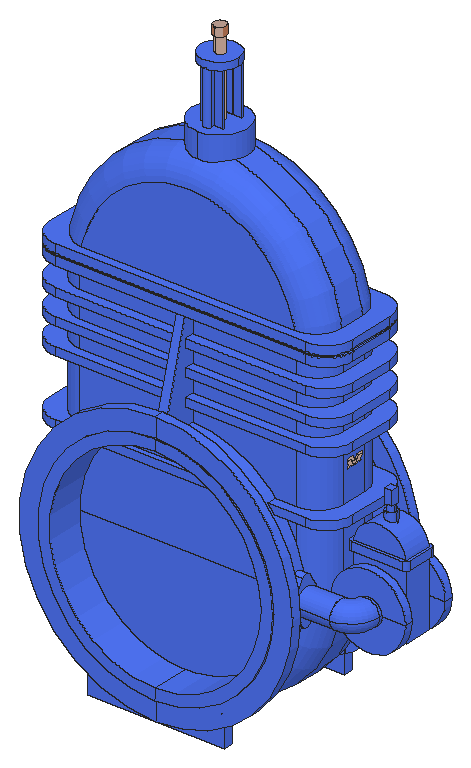
Revit family "54-3334-001 DN1200", category Pipe Accessories, Revit 2022
Family settings
  Round Connector Dimension = Use Diameter
  Part Type = Valve - Breaks Into
  Work Plane-Based = No
  Always vertical = No
  Cut with Voids When Loaded = No
  Shared = No
Parameters (values of type "54-1200-34-1302100")
  wedge_dim1 = Body_W * 1.1  # 491.04 mm
  sweep_start = Raised_dia / 2  # 664.00 mm
  sweep = size_lookup(Search_table, "sweep", 0.00 mm, DN)  # 6.00 mm
  stem_dim1 = Actuator_FLR * 0.65  # 68.25 mm
  stem_dim = F2 / 3  # 45.333 mm
  bottom_rib = OD * 0.5  # 773.00 mm
  W_half = W - W1  # 856.00 mm
  W1 = size_lookup(Search_table, "W1", 0.00 mm, DN)  # 1180.00 mm
  W-W1 = W - W1  # 856.00 mm
  W = size_lookup(Search_table, "W", 0.00 mm, DN)  # 2036.00 mm
  Stem_dim = Actuator_FLR * 0.5  # 52.50 mm
  Stem_H3 = Stem_H1 * 1.35  # 303.75 mm
  Stem_H2 = Stem_H1 * 0.85  # 191.25 mm
  Stem_H1 = Bypass_DN * 1.5  # 225.00 mm
  Stem_D2 = Stem_D1 * 1.5  # 31.50 mm
  Stem_D1 = F / 2  # 21.00 mm
  Rib_W = (Bonnet_FL_W * 0.9) / 2  # 251.10 mm
  Rib_L = (Bonnet_FL_L * 0.9) / 2  # 760.50 mm
  Rib_H4 = size_lookup(Search_table, "Rib_H4", 0.00 mm, DN)  # 1080.00 mm
  Rib_H3 = size_lookup(Search_table, "Rib_H3", 0.00 mm, DN)  # 930.00 mm
  Rib_H2 = size_lookup(Search_table, "Rib_H2", 0.00 mm, DN)  # 780.00 mm
  Rib_H1 = size_lookup(Search_table, "Rib_H1", 0.00 mm, DN)  # 410.00 mm
  Rib_H = Body_H * 0.8  # 970.80 mm
  Rib_Actual = W / 2  # 1018.00 mm
  Raised_dis = size_lookup(Search_table, "Raised_dis", 0.00 mm, DN)  # 5.00 mm
  Raised_dia = size_lookup(Search_table, "Raised_dia", 0.00 mm, DN)  # 1328.00 mm
  PN = size_lookup(Search_table, "PN", 0.00 mm, DN)  # 16.00 mm
  OD1 = H2 * 2  # 1546.00 mm
  OD = size_lookup(Search_table, "OD", 0.00 mm, DN)  # 1546.00 mm
  L = size_lookup(Search_table, "L", 0.00 mm, DN)  # 914.00 mm
  H2 = size_lookup(Search_table, "H2", 0.00 mm, DN)  # 773.00 mm
  H1 = size_lookup(Search_table, "H1", 0.00 mm, DN)  # 2427.00 mm
  H = 782.00 mm
  Fillet = Body_W / 3  # 148.80 mm
  FL_T = size_lookup(Search_table, "FL_T", 0.00 mm, DN)  # 57.00 mm
  F2 = size_lookup(Search_table, "F2", 0.00 mm, DN)  # 136.00 mm
  F1 = F * 0.45  # 18.90 mm
  F = Actuator_FLR * 0.4  # 42.00 mm
  Bypass_D7 = (Raised_dia / 2) * 1.05  # 697.20 mm
  DN = 1200.16 mm
  Description_ = "AVK GATE VALVE, FLANGED, METAL SEATED, PN10/16"
  Default Elevation = 0.00 mm
  Search_table = "54-3334-001 DN1200"
  URL product pages = "https://www.avkvalves.com/P.aspx?no=540700340102100"
  Cut_dis = Bonnet_FL_T / 2  # 54.15 mm
  Bypass_sweep = (Raised_dia / 2) * 1.05  # 697.20 mm
  Bypass_Vale_T = Body_W * 0.18  # 80.352 mm
  Bypass_Vale_D6 = Bypass_FL_OD * 1.2  # 252.00 mm
  Bypass_Vale_D5 = Bypass_Vale_D4 * 1.4  # 140.616 mm
  Bypass_Vale_D4 = Bypass_Vale_T * 1.25  # 100.44 mm
  Bypass_Vale_D3 = Bypass_FL_OD * 0.8  # 168.00 mm
  Bypass_Vale_D2 = Bypass_FL_OD * 0.7  # 147.00 mm
  Bypass_Vale_D1 = Bypass_FL_OD * 0.8  # 168.00 mm
  Bypass_R1 = Bypass_R * 2  # 58.00 mm
  Bypass_R = size_lookup(Search_table, "Bypass_R", 0.00 mm, DN)  # 29.00 mm
  Bypass_W = size_lookup(Search_table, "Bypass_W", 0.00 mm, DN)  # 90.00 mm
  Bypass_Location = size_lookup(Search_table, "Bypass_Location", 0.00 mm, DN)  # 259.00 mm
  Bypass_L = size_lookup(Search_table, "Bypass_L", 0.00 mm, DN)  # 106.00 mm
  Bypass_FL_OD = Bypass_DN * 1.4  # 210.00 mm
  Bypass_DN = size_lookup(Search_table, "Bypass_DN", 0.00 mm, DN)  # 150.00 mm
  Bore = DN / 2  # 600.08 mm
  Bonnet_fillet = Fillet / 3  # 49.60 mm
  Bonnet_dim3 = H1 * 0.86  # 2087.22 mm
  Bonnet_dim2 = Body_W * 0.35  # 156.24 mm
  Bonnet_dim1 = Body_L * 0.2  # 304.20 mm
  Bonnet_FL_W = size_lookup(Search_table, "Bonnet_FL_W", 0.00 mm, DN)  # 558.00 mm
  Bonnet_FL_T = FL_T * 1.9  # 108.30 mm
  Bonnet_FL_L = size_lookup(Search_table, "Bonnet_FL_L", 0.00 mm, DN)  # 1690.00 mm
  Body_rib_T = FL_T * 0.4  # 22.80 mm
  Body_T = size_lookup(Search_table, "Body_T", 0.00 mm, DN) / 2  # 592.50 mm
  Body_W = Bonnet_FL_W * 0.8  # 446.40 mm
  Body_L = Bonnet_FL_L * 0.9  # 1521.00 mm
  Body_H = H1 / 2  # 1213.50 mm
  BP_centre = Bypass_R / 2  # 14.50 mm
  Actuator_dim3 = Actuator_dim1 * 1.1  # 69.30 mm
  Actuator_dim2 = Actuator_dim1 * 0.6  # 37.80 mm
  Actuator_dim1 = Actuator_FLR * 0.6  # 63.00 mm
  Actuator_FLR = size_lookup(Search_table, "Actuator_FLR", 0.00 mm, DN) / 2  # 105.00 mm
  ADN = size_lookup(Search_table, "ADN", 0.00 mm, DN)  # 1200.00 mm
  ACtuator_T = Body_rib_T * 1.8  # 41.04 mm
  54-1200-34-1302100 = "DN1200_ PN16_ CTO"
  54-1200-34-0302100 = "DN1200_ PN10_ CTO"
  54-1200-33-1304100 = "DN1200_ PN16_ CTC"
  54-1200-33-1303100 = "DN1200_ PN16_ CTC"
  54-1200-33-1302100 = "DN1200_ PN16_ CTC"
  54-1200-33-0304100 = "DN1200_ PN10_ CTC"
  54-1200-33-0303100 = "DN1200_ PN10_ CTC"
  54-1200-33-0302100 = "DN1200_ PN10_ CTC"
  50 = 80.00 mm  # constant formula
  5 = 5.00 mm  # constant formula
  20 = 25.00 mm  # constant formula
  10 = 10.00 mm  # constant formula
  1 = 1.00 mm  # constant formula
Types (9, lengths in mm): name | wedge_dim1 | stem_dim1 | stem_dim | bottom_rib | Stem_dim | Stem_D2 | Stem_D1 | Rib_W | Rib_L | PN | OD | Fillet | FL_T | F2 | F1 | F | DN | Cut_dis | Bypass_Vale_T | Bypass_Vale_D5 | Bypass_Vale_D4 | Bore | Bonnet_fillet | Bonnet_dim2 | Bonnet_dim1 | Bonnet_FL_W | Bonnet_FL_T | Bonnet_FL_L | Body_rib_T | Body_T | Body_W | Body_L | Actuator_dim3 | Actuator_dim2 | Actuator_dim1 | Actuator_FLR | ACtuator_T
  (no name) | 491.04 | 68.25 | 45.333 | 773.00 | 52.50 | 31.50 | 21.00 | 251.10 | 760.50 | 16.00 | 1546.00 | 148.80 | 57.00 | 136.00 | 18.90 | 42.00 | 1200.16 | 54.15 | 80.352 | 140.616 | 100.44 | 600.08 | 49.60 | 156.24 | 304.20 | 558.00 | 108.30 | 1690.00 | 22.80 | 592.50 | 446.40 | 1521.00 | 69.30 | 37.80 | 63.00 | 105.00 | 41.04
  54-1200-33-0302100 | 592.24 | 68.25 | 45.333 | 727.50 | 52.50 | 31.50 | 21.00 | 302.85 | 677.25 | 10.00 | 1455.00 | 179.467 | 45.00 | 136.00 | 18.90 | 42.00 | 1200.00 | 42.75 | 96.912 | 169.596 | 121.14 | 600.00 | 59.822 | 188.44 | 270.90 | 673.00 | 85.50 | 1505.00 | 18.00 | 542.50 | 538.40 | 1354.50 | 69.30 | 37.80 | 63.00 | 105.00 | 32.40
  54-1200-33-0303100 | 592.24 | 97.50 | 58.667 | 727.50 | 75.00 | 45.00 | 30.00 | 302.85 | 677.25 | 10.00 | 1455.00 | 179.467 | 45.00 | 176.00 | 27.00 | 60.00 | 1200.10 | 42.75 | 96.912 | 169.596 | 121.14 | 600.05 | 59.822 | 188.44 | 270.90 | 673.00 | 85.50 | 1505.00 | 18.00 | 542.50 | 538.40 | 1354.50 | 99.00 | 54.00 | 90.00 | 150.00 | 32.40
  54-1200-33-0304100 | 592.24 | 113.75 | 68.667 | 727.50 | 87.50 | 52.50 | 35.00 | 302.85 | 677.25 | 10.00 | 1455.00 | 179.467 | 45.00 | 206.00 | 31.50 | 70.00 | 1200.11 | 42.75 | 96.912 | 169.596 | 121.14 | 600.055 | 59.822 | 188.44 | 270.90 | 673.00 | 85.50 | 1505.00 | 18.00 | 542.50 | 538.40 | 1354.50 | 115.50 | 63.00 | 105.00 | 175.00 | 32.40
  54-1200-33-1302100 | 592.24 | 68.25 | 45.333 | 700.00 | 52.50 | 31.50 | 21.00 | 302.85 | 677.25 | 16.00 | 1400.00 | 179.467 | 57.00 | 136.00 | 18.90 | 42.00 | 1200.12 | 54.15 | 96.912 | 169.596 | 121.14 | 600.06 | 59.822 | 188.44 | 270.90 | 673.00 | 108.30 | 1505.00 | 22.80 | 542.50 | 538.40 | 1354.50 | 69.30 | 37.80 | 63.00 | 105.00 | 41.04
  54-1200-33-1303100 | 491.04 | 97.50 | 58.667 | 773.00 | 75.00 | 45.00 | 30.00 | 251.10 | 760.50 | 16.00 | 1546.00 | 148.80 | 57.00 | 176.00 | 27.00 | 60.00 | 1200.13 | 54.15 | 80.352 | 140.616 | 100.44 | 600.065 | 49.60 | 156.24 | 304.20 | 558.00 | 108.30 | 1690.00 | 22.80 | 592.50 | 446.40 | 1521.00 | 99.00 | 54.00 | 90.00 | 150.00 | 41.04
  54-1200-33-1304100 | 491.04 | 113.75 | 68.667 | 773.00 | 87.50 | 52.50 | 35.00 | 251.10 | 760.50 | 16.00 | 1546.00 | 148.80 | 57.00 | 206.00 | 31.50 | 70.00 | 1200.14 | 54.15 | 80.352 | 140.616 | 100.44 | 600.07 | 49.60 | 156.24 | 304.20 | 558.00 | 108.30 | 1690.00 | 22.80 | 592.50 | 446.40 | 1521.00 | 115.50 | 63.00 | 105.00 | 175.00 | 41.04
  54-1200-34-0302100 | 491.04 | 68.25 | 45.333 | 727.50 | 52.50 | 31.50 | 21.00 | 251.10 | 760.50 | 10.00 | 1455.00 | 148.80 | 45.00 | 136.00 | 18.90 | 42.00 | 1200.15 | 42.75 | 80.352 | 140.616 | 100.44 | 600.075 | 49.60 | 156.24 | 304.20 | 558.00 | 85.50 | 1690.00 | 18.00 | 592.50 | 446.40 | 1521.00 | 69.30 | 37.80 | 63.00 | 105.00 | 32.40
  54-1200-34-1302100 | 491.04 | 68.25 | 45.333 | 773.00 | 52.50 | 31.50 | 21.00 | 251.10 | 760.50 | 16.00 | 1546.00 | 148.80 | 57.00 | 136.00 | 18.90 | 42.00 | 1200.16 | 54.15 | 80.352 | 140.616 | 100.44 | 600.08 | 49.60 | 156.24 | 304.20 | 558.00 | 108.30 | 1690.00 | 22.80 | 592.50 | 446.40 | 1521.00 | 69.30 | 37.80 | 63.00 | 105.00 | 41.04
Reference planes
  plane 1 "Center (Front/Back)": y = 0
  plane 2: z = 0
  plane 3 "Center (Left/Right)": x = 0
  plane 4: z = 600.08
  plane 5: y = 190.5
  plane 6: y = -190.5
  plane 7: x = -856
  plane 8: y = 457
  plane 9: y = -457
  plane 10: y = 400
  plane 11: y = -400
  plane 12: z = 773
  plane 13: z = -773
  plane 14: z = 773
  plane 15: z = -773
  plane 16: z = 664
  plane 17: z = -664
  plane 18: y = 223.2
  plane 19: y = -223.2
  plane 20: x = -760.5
  plane 21: x = 760.5
  plane 22: z = 1213.5
  plane 23: y = 279
  plane 24: y = -279
  plane 25: x = -856
  plane 26: x = 856
  plane 27: z = 1321.8
  plane 28: z = 2427
  plane 29: y = 279
  plane 30: y = -279
  plane 31: z = 2087.22
  plane 32: z = 410
  plane 33: z = 277.5
  plane 34: y = -279
  plane 35: y = 279
  plane 36: z = 2563
  plane 37: x = 697.2
  plane 38: x = 674.4
  plane 39: y = 245.52
  plane 40: y = -245.52
  plane 41: x = -386.5
  plane 42: x = 386.5
  plane 43: z = -600.08
  plane 44: y = -452
  plane 45: y = 452
  plane 46: x = -386.5
  plane 47: x = 386.5
  plane 48: z = -600.08
  plane 49: x = -21
  plane 50: x = 21
  plane 51: x = -9.45
  plane 52: x = 9.45
  plane 53: x = -105
  plane 54: x = 105
  plane 55: x = 600.08
  plane 56: z = 780
  plane 57: z = 930
  plane 58: z = 1080
  plane 59: z = 2517.667
  plane 60: y = -259
  plane 61: y = 259
  plane 62: x = -845
  plane 63: x = 845
  plane 64: x = 697.2
  plane 65: x = 1180
  plane 66: x = 208
  plane 67: y = 259
  plane 68: y = -259
  plane 69: x = 970
  plane 70: z = 252
  plane 71: x = 970
  plane 72: x = 970
  plane 73: y = 140.616
  plane 74: x = 970
  plane 75: z = 402
  plane 76: z = 555.75
  plane 77: z = -773
  plane 78: z = 75
  plane 79: z = -75
  plane 80: z = 477
Forms (mm)
  Revolve 1, solid, material "Plastic"
    sketch origin (0, 0, 0) x (0, 1, 0) y (0, 0, 1)
      loop
        line (457, 600.08) -> (457, 664) -> (452, 664) -> (452, 773) -> (400, 773) -> (400, 657.08) -> (-400, 657.08) -> (-400, 773) -> (-452, 773) -> (-452, 664) -> (-457, 664) -> (-457, 600.08) -> (457, 600.08)
      axis (457, 0) -> (-457, 0)
    angle from 0 to 360
  Extrusion 2, solid, material "Plastic"
    sketch origin (0, 0, 0) x (1, 0, 0) y (0, 1, 0)
      loop
        arc (-611.7, 223.2) -> (-716.917, 179.617) -> (-760.5, 74.4) r 148.8
        line (-760.5, 74.4) -> (-760.5, -74.4)
        arc (-760.5, -74.4) -> (-716.917, -179.617) -> (-611.7, -223.2) r 148.8
        line (-611.7, -223.2) -> (611.7, -223.2)
        arc (611.7, -223.2) -> (716.917, -179.617) -> (760.5, -74.4) r 148.8
        line (760.5, -74.4) -> (760.5, 74.4)
        arc (760.5, 74.4) -> (716.917, 179.617) -> (611.7, 223.2) r 148.8
        line (611.7, 223.2) -> (-611.7, 223.2)
    from 0 to 1213.5
  Revolve 3, solid, material "Plastic"
    sketch origin (0, 0, 0) x (1, 0, 0) y (0, 1, 0)
      loop
        arc (-611.7, 223.2) -> (-716.917, 179.617) -> (-760.5, 74.4) r 148.8
        line (-760.5, 74.4) -> (-760.5, -74.4)
        arc (-760.5, -74.4) -> (-716.917, -179.617) -> (-611.7, -223.2) r 148.8
        line (-611.7, -223.2) -> (0, -223.2) -> (0, 223.2) -> (-611.7, 223.2)
      axis (0, 223.2) -> (0, -223.2)
    angle from 0 to 180
  Extrusion 4, solid, material "Plastic"
    sketch origin (0, 417.889, 1213.5) x (0, 1, 0) y (-1, 0, 0)
      loop
        arc (-138.889, 707.2) -> (-182.472, 812.417) -> (-287.689, 856) r 148.8
        line (-287.689, 856) -> (-548.089, 856)
        arc (-548.089, 856) -> (-653.306, 812.417) -> (-696.889, 707.2) r 148.8
        line (-696.889, 707.2) -> (-696.889, -707.2)
        arc (-696.889, -707.2) -> (-653.306, -812.417) -> (-548.089, -856) r 148.8
        line (-548.089, -856) -> (-287.689, -856)
        arc (-287.689, -856) -> (-182.472, -812.417) -> (-138.889, -707.2) r 148.8
        line (-138.889, -707.2) -> (-138.889, 707.2)
    from 0 to 108.3
  Revolve 5, solid, material "Plastic"
    sketch origin (0, 417.889, 1213.5) x (0, 1, 0) y (-1, 0, 0)
      loop
        arc (-343.489, -760.5) -> (-238.272, -716.917) -> (-194.689, -611.7) r 148.8
        line (-194.689, -611.7) -> (-194.689, 0) -> (-641.089, 0) -> (-641.089, -611.7)
        arc (-641.089, -611.7) -> (-597.506, -716.917) -> (-492.289, -760.5) r 148.8
        line (-492.289, -760.5) -> (-343.489, -760.5)
      axis (-194.689, 0) -> (-641.089, 0)
    angle from 360 to 180
  Sweep 6, void
    path in 3D
      loop
        arc (-707.2, 279, 1321.8) -> (-812.417, 235.417, 1321.8) -> (-856, 130.2, 1321.8) r 148.8
        line (-856, 130.2, 1321.8) -> (-856, -130.2, 1321.8)
        arc (-856, -130.2, 1321.8) -> (-812.417, -235.417, 1321.8) -> (-707.2, -279, 1321.8) r 148.8
        line (-707.2, -279, 1321.8) -> (707.2, -279, 1321.8)
        arc (707.2, -279, 1321.8) -> (812.417, -235.417, 1321.8) -> (856, -130.2, 1321.8) r 148.8
        line (856, -130.2, 1321.8) -> (856, 130.2, 1321.8)
        arc (856, 130.2, 1321.8) -> (812.417, 235.417, 1321.8) -> (707.2, 279, 1321.8) r 148.8
        line (707.2, 279, 1321.8) -> (-707.2, 279, 1321.8)
    profile origin (0, 279, 1321.8) x (0, -1, 0) y (0, 0, 1)
      loop
        circle (0, -54.15) r 6
  Extrusion 7, solid, material "Plastic"
    sketch origin (0, 417.889, 1213.5) x (0, 1, 0) y (-1, 0, 0)
      loop
        circle (-417.889, 0) r 156.24
    from 873.72 to 0
  Extrusion 8, solid, material "Plastic"
    sketch origin (-848.252, -1524, 410) x (-1, 0, 0) y (0, -1, 0)
      loop
        arc (-141.052, -1803) -> (-35.835, -1759.417) -> (7.748, -1654.2) r 148.8
        line (7.748, -1654.2) -> (7.748, -1393.8)
        arc (7.748, -1393.8) -> (-35.835, -1288.583) -> (-141.052, -1245) r 148.8
        line (-141.052, -1245) -> (-1555.452, -1245)
        arc (-1555.452, -1245) -> (-1660.67, -1288.583) -> (-1704.252, -1393.8) r 148.8
        line (-1704.252, -1393.8) -> (-1704.252, -1654.2)
        arc (-1704.252, -1654.2) -> (-1660.67, -1759.417) -> (-1555.452, -1803) r 148.8
        line (-1555.452, -1803) -> (-141.052, -1803)
    from -22.8 to 22.8
  Extrusion 9, solid, material "Plastic"
    sketch origin (0, 0, 0) x (0, 1, 0) y (0, 0, 1)
      loop
        line (279, 1213.5) -> (223.2, 1213.5) -> (223.2, 600.08) -> (400, 600.08) -> (400, 773) -> (279, 1213.5)
      loop
        line (-279, 1213.5) -> (-400, 773) -> (-400, 600.08) -> (-223.2, 600.08) -> (-223.2, 1213.5) -> (-279, 1213.5)
    from -22.8 to 22.8
  Extrusion 10, solid, material "Plastic"
    sketch origin (-736.328, -1524, 2427) x (-1, 0, 0) y (0, -1, 0)
      loop
        circle (-736.328, -1524) r 105
    from 0 to -41.04
  Extrusion 11, solid, material "Plastic"
    sketch origin (-736.328, -1524, 2427) x (-1, 0, 0) y (0, -1, 0)
      loop
        line (-713.528, -1587) -> (-759.128, -1587) -> (-759.128, -1606.2)
        arc (-759.128, -1606.2) -> (-736.328, -1629) -> (-713.528, -1606.2) r 22.8
        line (-713.528, -1606.2) -> (-713.528, -1587)
      loop
        line (-713.528, -1461) -> (-713.528, -1441.8)
        arc (-713.528, -1441.8) -> (-736.328, -1419) -> (-759.128, -1441.8) r 22.8
        line (-759.128, -1441.8) -> (-759.128, -1461) -> (-713.528, -1461)
    from -41.04 to -339.78
  Revolve 12, solid, material "Plastic"
    sketch origin (0, 0, 0) x (1, 0, 0) y (0, 1, 0)
      loop
        line (0, 245.52) -> (0, -245.52) -> (600.08, -245.52) -> (600.08, 245.52) -> (0, 245.52)
      axis (0, 245.52) -> (0, -245.52)
    angle from 0 to 360
  Extrusion 13, solid, material "Plastic"
    sketch origin (0, 0, 0) x (1, 0, 0) y (0, 0, 1)
      loop
        line (-386.5, -601.08) -> (-386.5, -773) -> (386.5, -773) -> (386.5, -601.08) -> (-386.5, -601.08)
    from 400 to 451
  Extrusion 14, solid, material "Plastic"
    sketch origin (0, 0, 0) x (1, 0, 0) y (0, 0, 1)
      loop
        line (-386.5, -773) -> (386.5, -773) -> (386.5, -601.08) -> (-386.5, -601.08) -> (-386.5, -773)
    from -451 to -400
  Extrusion 15, solid, material "Plastic"
    sketch origin (4267.2, -575.671, 780) x (0, -1, 0) y (1, 0, 0)
      loop
        arc (-854.671, -4974.4) -> (-811.089, -5079.617) -> (-705.871, -5123.2) r 148.8
        line (-705.871, -5123.2) -> (-445.471, -5123.2)
        arc (-445.471, -5123.2) -> (-340.254, -5079.617) -> (-296.671, -4974.4) r 148.8
        line (-296.671, -4974.4) -> (-296.671, -3560)
        arc (-296.671, -3560) -> (-340.254, -3454.783) -> (-445.471, -3411.2) r 148.8
        line (-445.471, -3411.2) -> (-705.871, -3411.2)
        arc (-705.871, -3411.2) -> (-811.089, -3454.783) -> (-854.671, -3560) r 148.8
        line (-854.671, -3560) -> (-854.671, -4974.4)
    from -22.8 to 22.8
  Extrusion 16, solid, material "Plastic"
    sketch origin (4267.2, -524.875, 930) x (0, -1, 0) y (1, 0, 0)
      loop
        line (-655.075, -5123.2) -> (-394.675, -5123.2)
        arc (-394.675, -5123.2) -> (-289.458, -5079.617) -> (-245.875, -4974.4) r 148.8
        line (-245.875, -4974.4) -> (-245.875, -3560)
        arc (-245.875, -3560) -> (-289.458, -3454.783) -> (-394.675, -3411.2) r 148.8
        line (-394.675, -3411.2) -> (-655.075, -3411.2)
        arc (-655.075, -3411.2) -> (-760.293, -3454.783) -> (-803.875, -3560) r 148.8
        line (-803.875, -3560) -> (-803.875, -4974.4)
        arc (-803.875, -4974.4) -> (-760.293, -5079.617) -> (-655.075, -5123.2) r 148.8
    from -22.8 to 22.8
  Extrusion 17, solid, material "Plastic"
    sketch origin (4267.2, -664.232, 1080) x (0, -1, 0) y (1, 0, 0)
      loop
        arc (-943.232, -4974.4) -> (-899.65, -5079.617) -> (-794.432, -5123.2) r 148.8
        line (-794.432, -5123.2) -> (-534.032, -5123.2)
        arc (-534.032, -5123.2) -> (-428.815, -5079.617) -> (-385.232, -4974.4) r 148.8
        line (-385.232, -4974.4) -> (-385.232, -3560)
        arc (-385.232, -3560) -> (-428.815, -3454.783) -> (-534.032, -3411.2) r 148.8
        line (-534.032, -3411.2) -> (-794.432, -3411.2)
        arc (-794.432, -3411.2) -> (-899.65, -3454.783) -> (-943.232, -3560) r 148.8
        line (-943.232, -3560) -> (-943.232, -4974.4)
    from -22.8 to 22.8
  Extrusion 18, solid, material "Plastic"
    sketch origin (4267.2, -664.232, 1080) x (0, -1, 0) y (1, 0, 0)
      loop
        line (-727.232, -4295.55) -> (-727.232, -4194.75) -> (-733.532, -4194.75) -> (-733.532, -4320.75) -> (-594.932, -4320.75) -> (-594.932, -4194.75) -> (-601.232, -4194.75) -> (-601.232, -4295.55) -> (-727.232, -4295.55)
    from 1007.22 to 1305.96
  Extrusion 19, solid, material "Default"
    sketch origin (4267.2, -664.232, 1080) x (0, -1, 0) y (1, 0, 0)
      loop
        circle (-664.232, -4267.2) r 34.125
    from 1437.667 to 1483
  Extrusion 20, solid
    sketch origin (4267.2, -664.232, 1080) x (0, -1, 0) y (1, 0, 0)
      loop
        circle (-664.232, -4267.2) r 26.25
    from 1437.667 to 1007.22
  Extrusion 21, solid, material "Plastic"
    sketch origin (0, 0, -20.104) x (0, 1, 0) y (0, 0, 1)
      loop
        line (-283.598, 141.464) -> (-340.197, 50.824)
        arc (-340.197, 50.824) -> (-349, 20.104) -> (-340.197, -10.616) r 58
        line (-340.197, -10.616) -> (-283.598, -101.256)
        arc (-283.598, -101.256) -> (-259, -114.896) -> (-234.402, -101.256) r 29
        line (-234.402, -101.256) -> (-177.803, -10.616)
        arc (-177.803, -10.616) -> (-169, 20.104) -> (-177.803, 50.824) r 58
        line (-177.803, 50.824) -> (-234.402, 141.464)
        arc (-234.402, 141.464) -> (-259, 155.104) -> (-283.598, 141.464) r 29
      loop
        arc (283.598, 141.464) -> (259, 155.104) -> (234.402, 141.464) r 29
        line (234.402, 141.464) -> (177.803, 50.824)
        arc (177.803, 50.824) -> (169, 20.104) -> (177.803, -10.616) r 58
        line (177.803, -10.616) -> (234.402, -101.256)
        arc (234.402, -101.256) -> (259, -114.896) -> (283.598, -101.256) r 29
        line (283.598, -101.256) -> (340.197, -10.616)
        arc (340.197, -10.616) -> (349, 20.104) -> (340.197, 50.824) r 58
        line (340.197, 50.824) -> (283.598, 141.464)
    from 697.2 to 600.08
  Sweep 22, solid, material "Plastic"
    path origin (0, 0, 0) x (1, 0, 0) y (0, 1, 0)
      loop
        line (664, 259) -> (890, 259)
        arc (890, 259) -> (946.569, 235.569) -> (970, 179) r 80
        line (970, 179) -> (970, -179)
        arc (970, -179) -> (946.569, -235.569) -> (890, -259) r 80
        line (890, -259) -> (664, -259)
    profile origin (777, 259, 0) x (0, 1, 0) y (0, 0, 1)
      loop
        circle (0, 0) r 75
  Extrusion 23, solid, material "Plastic"
    sketch origin (0, 0, 0) x (1, 0, 0) y (0, 0, 1)
      loop
        arc (1120, 252) -> (970, 402) -> (820, 252) r 150
        line (820, 252) -> (820, -147)
        arc (820, -147) -> (970, -168) -> (1120, -147) r 546.214
        line (1120, -147) -> (1120, 252)
    from -80.352 to 80.352
  Extrusion 24, solid, material "Plastic"
    sketch origin (1408.055, -1524, 252) x (0, -1, 0) y (-1, 0, 0)
      loop
        line (-1624.44, 581.055) -> (-1624.44, 295.055)
        arc (-1624.44, 295.055) -> (-1617.118, 277.378) -> (-1599.44, 270.055) r 25
        line (-1599.44, 270.055) -> (-1448.56, 270.055)
        arc (-1448.56, 270.055) -> (-1430.882, 277.378) -> (-1423.56, 295.055) r 25
        line (-1423.56, 295.055) -> (-1423.56, 581.055)
        arc (-1423.56, 581.055) -> (-1430.882, 598.733) -> (-1448.56, 606.055) r 25
        line (-1448.56, 606.055) -> (-1599.44, 606.055)
        arc (-1599.44, 606.055) -> (-1617.118, 598.733) -> (-1624.44, 581.055) r 25
    from -22.8 to 22.8
  Revolve 25, solid, material "Plastic"
    sketch origin (0, 0, 0) x (1, 0, 0) y (0, 1, 0)
      loop
        line (970, 163.416) -> (970, 117.816) -> (1180, 117.816) -> (1180, 163.416) -> (970, 163.416)
      loop
        line (970, -117.816) -> (970, -163.416) -> (1180, -163.416) -> (1180, -117.816) -> (970, -117.816)
      axis (970, 163.416) -> (970, -163.416)
    angle from 0 to 360
  Revolve 26, solid, material "Plastic"
    sketch origin (0, 0, 0) x (1, 0, 0) y (0, 0, 1)
      loop
        line (970, 477) -> (970, 252) -> (1001.5, 252) -> (1001.5, 443.25) -> (991, 443.25) -> (991, 477) -> (970, 477)
      axis (970, 477) -> (970, 252)
    angle from 0 to 360
  Extrusion 27, solid, material "Plastic"
    sketch origin (0, 1010.756, 600.08) x (0, 1, 0) y (-1, 0, 0)
      loop
        line (-989.756, -949) -> (-1031.756, -949) -> (-1031.756, -991) -> (-989.756, -991) -> (-989.756, -949)
    from -123.08 to -44.33
Cuts and joins
  Sweep 6 cuts Extrusion 4
Lines and regions (mm)
  sketch lines
    curve 1: line (707.2, 279, 1321.8) -> (-707.2, 279, 1321.8)
    curve 2: arc (-856, 130.2, 1321.8) -> (-812.417, 235.417, 1321.8) -> (-707.2, 279, 1321.8) r 148.8
    curve 3: line (-856, 130.2, 1321.8) -> (-856, -130.2, 1321.8)
    curve 4: arc (-707.2, -279, 1321.8) -> (-812.417, -235.417, 1321.8) -> (-856, -130.2, 1321.8) r 148.8
    curve 5: line (-707.2, -279, 1321.8) -> (707.2, -279, 1321.8)
    curve 6: arc (856, -130.2, 1321.8) -> (812.417, -235.417, 1321.8) -> (707.2, -279, 1321.8) r 148.8
    curve 7: line (856, -130.2, 1321.8) -> (856, 130.2, 1321.8)
    curve 8: arc (707.2, 279, 1321.8) -> (812.417, 235.417, 1321.8) -> (856, 130.2, 1321.8) r 148.8
Dimensions and locks
  "Bore": plane 4 to level
  equal spacing: plane 5, plane 1 "Center (Front/Back)", plane 6
  plane 3 "Center (Left/Right)" to plane 7 = 856.00 mm
  "Bore": Revolve 1 sketch curve to level
  equal spacing: Revolve 1, plane 1 "Center (Front/Back)", Revolve 1
  equal spacing: Revolve 1 sketch curve, plane 1 "Center (Front/Back)", Revolve 1 sketch curve  (x3)
  equal spacing: plane 8, plane 1 "Center (Front/Back)", plane 9
  "L": plane 8 to plane 9
  equal spacing: plane 10, plane 1 "Center (Front/Back)", plane 11
  "FL_T": plane 8 to plane 10
  equal spacing: plane 13, level, plane 12
  "OD": plane 12 to plane 13
  "Raised_dis": plane 8 to Revolve 1
  equal spacing: plane 16, level, plane 17
  equal spacing: plane 14, level, plane 15
  "OD1": plane 14 to plane 15
  "Raised_dia": plane 16 to plane 17
  "FL_T": Revolve 1 sketch curve to plane 4
  equal spacing: plane 19, plane 1 "Center (Front/Back)", plane 18
  "Body_W": plane 18 to plane 19
  equal spacing: plane 20, plane 3 "Center (Left/Right)", plane 21
  "Body_L": plane 20 to plane 21
  equal spacing: Extrusion 2 sketch curve, plane 3 "Center (Left/Right)", Extrusion 2 sketch curve
  equal spacing: Extrusion 2 sketch curve, plane 1 "Center (Front/Back)", Extrusion 2 sketch curve
  "Body_H": Extrusion 2 to level
  "Body_H": plane 22 to level
  equal spacing: Extrusion 4 sketch curve, plane 1 "Center (Front/Back)", Extrusion 4 sketch curve
  equal spacing: Extrusion 4 sketch curve, plane 3 "Center (Left/Right)", Extrusion 4 sketch curve
  equal spacing: plane 24, plane 1 "Center (Front/Back)", plane 23
  "Bonnet_FL_W": plane 23 to plane 24
  equal spacing: plane 25, plane 3 "Center (Left/Right)", plane 26
  "Bonnet_FL_T": plane 27 to plane 22
  "H1": plane 28 to level
  equal spacing: plane 29, plane 1 "Center (Front/Back)", plane 30
  "Bonnet_FL_W": plane 29 to plane 30
  equal spacing: plane 27, Sweep 6 sketch curve, plane 22
  "sweep": plane 29 to Sweep 6 sketch curve
  "Bonnet_dim3": plane 31 to level
  "Rib_H1": plane 32 to level
  equal spacing: Extrusion 8, plane 32, Extrusion 8
  "Body_rib_T": plane 32 to Extrusion 8
  "OD": plane 13 to Extrusion 9 sketch curve  (x2)
  equal spacing: plane 35, plane 1 "Center (Front/Back)", plane 34
  "Bonnet_FL_W": plane 35 to plane 34
  "Bonnet_FL_W": Extrusion 9 sketch curve to plane 34
  "Bonnet_FL_W": plane 35 to Extrusion 9 sketch curve
  equal spacing: Extrusion 9, plane 3 "Center (Left/Right)", Extrusion 9
  "Body_rib_T": plane 3 "Center (Left/Right)" to Extrusion 9
  "F2": plane 36 to plane 28
  equal spacing: Extrusion 10 sketch curve, plane 3 "Center (Left/Right)", Extrusion 10 sketch curve
  equal spacing: Extrusion 10 sketch curve, plane 1 "Center (Front/Back)", Extrusion 10 sketch curve
  "ACtuator_T": plane 28 to Extrusion 10
  "Body_rib_T": Extrusion 11 sketch curve to plane 3 "Center (Left/Right)"
  equal spacing: Extrusion 11 sketch curve, plane 3 "Center (Left/Right)", Extrusion 11 sketch curve
  "Actuator_FLR": plane 1 "Center (Front/Back)" to Extrusion 11 sketch curve
  equal spacing: Extrusion 11 sketch curve, plane 1 "Center (Front/Back)", Extrusion 11 sketch curve  (x2)
  "ACtuator_T": plane 28 to Extrusion 11
  "Body_rib_T": plane 37 to plane 38
  "Bypass_sweep": plane 37 to plane 3 "Center (Left/Right)"
  "W_half": plane 3 "Center (Left/Right)" to plane 7
  equal spacing: plane 40, plane 1 "Center (Front/Back)", plane 39
  "wedge_dim1": plane 39 to plane 40
  equal spacing: Revolve 12 sketch curve, plane 1 "Center (Front/Back)", Revolve 12 sketch curve
  "Bore": plane 3 "Center (Left/Right)" to Revolve 12 sketch curve
  equal spacing: Extrusion 13 sketch curve, plane 3 "Center (Left/Right)", Extrusion 13 sketch curve
  equal spacing: plane 42, plane 3 "Center (Left/Right)", plane 41
  "bottom_rib": plane 42 to plane 41
  "Bore": level to plane 43
  "Raised_dis": plane 9 to plane 44
  "1": plane 44 to Extrusion 13
  "Raised_dis": plane 45 to plane 8
  equal spacing: Extrusion 14 sketch curve, plane 3 "Center (Left/Right)", Extrusion 14 sketch curve
  equal spacing: plane 47, plane 3 "Center (Left/Right)", plane 46
  "bottom_rib": plane 47 to plane 46
  "Bore": level to plane 48
  "1": plane 48 to Extrusion 14 sketch curve
  "1": Extrusion 14 to plane 45
  "1": plane 43 to Extrusion 13 sketch curve
  plane 9 to plane 8 = 914.00 mm  (x2)
  plane 13 to level = 773.00 mm
  plane 28 to level = 2427.00 mm  (x2)
  equal spacing: plane 50, plane 3 "Center (Left/Right)", plane 49
  "F": plane 50 to plane 49
  equal spacing: plane 52, plane 3 "Center (Left/Right)", plane 51
  "F1": plane 52 to plane 51
  equal spacing: plane 54, plane 3 "Center (Left/Right)", plane 53
  "Actuator_FLR": plane 3 "Center (Left/Right)" to plane 53
  plane 54 to plane 53 = 210.00 mm
  "Bore": plane 55 to plane 3 "Center (Left/Right)"
  "Rib_H2": plane 56 to level
  equal spacing: Extrusion 15, plane 56, Extrusion 15  (x2)
  Extrusion 15 to plane 12 = 29.80 mm
  "Rib_H3": plane 57 to level
  "Rib_H4": plane 58 to level
  "Body_rib_T": Extrusion 15 to plane 56
  equal spacing: Extrusion 16, plane 57, Extrusion 16
  "Body_rib_T": Extrusion 16 to plane 57
  equal spacing: Extrusion 17, plane 58, Extrusion 17
  "Body_rib_T": Extrusion 17 to plane 58
  equal spacing: Extrusion 18 sketch curve, plane 52, Extrusion 18 sketch curve
  equal spacing: Extrusion 18 sketch curve, plane 1 "Center (Front/Back)", Extrusion 18 sketch curve  (x2)
  "Actuator_dim2": Extrusion 18 sketch curve to plane 52
  "Actuator_dim1": plane 1 "Center (Front/Back)" to Extrusion 18 sketch curve
  "Actuator_dim1": plane 52 to Extrusion 18 sketch curve
  "ACtuator_T": plane 28 to Extrusion 18
  "Actuator_dim1": plane 1 "Center (Front/Back)" to Extrusion 11 sketch curve
  equal spacing: Extrusion 7 sketch curve, plane 1 "Center (Front/Back)", Extrusion 7 sketch curve
  equal spacing: Extrusion 7 sketch curve, plane 3 "Center (Left/Right)", Extrusion 7 sketch curve
  equal spacing: Extrusion 19 sketch curve, plane 3 "Center (Left/Right)", Extrusion 19 sketch curve
  equal spacing: Extrusion 19 sketch curve, plane 1 "Center (Front/Back)", Extrusion 19 sketch curve
  equal spacing: Extrusion 20 sketch curve, plane 3 "Center (Left/Right)", Extrusion 20 sketch curve
  equal spacing: Extrusion 20 sketch curve, plane 1 "Center (Front/Back)", Extrusion 20 sketch curve
  "stem_dim": plane 36 to plane 59
  equal spacing: plane 60, plane 1 "Center (Front/Back)", plane 61
  "Bypass_Location": plane 60 to plane 1 "Center (Front/Back)"
  "Bypass_Location": Extrusion 21 sketch curve to plane 1 "Center (Front/Back)"
  "Bypass_L": Extrusion 21 sketch curve to level  (x4)
  "Bypass_W": Extrusion 21 sketch curve to plane 60
  "Bypass_W": plane 60 to Extrusion 21 sketch curve
  "Bypass_Location": plane 1 "Center (Front/Back)" to Extrusion 21 sketch curve
  "Bypass_W": Extrusion 21 sketch curve to plane 61
  "Bypass_W": plane 61 to Extrusion 21 sketch curve
  equal spacing: plane 62, plane 3 "Center (Left/Right)", plane 63
  "Bonnet_FL_L": plane 62 to plane 63
  "W-W1": plane 25 to plane 3 "Center (Left/Right)"
  "Bypass_sweep": plane 64 to plane 3 "Center (Left/Right)"
  "W1": plane 3 "Center (Left/Right)" to plane 65
  equal spacing: plane 68, plane 1 "Center (Front/Back)", plane 67
  "Bypass_Location": plane 1 "Center (Front/Back)" to plane 67
  "sweep_start": plane 3 "Center (Left/Right)" to Sweep 22 sketch curve  (x2)
  equal spacing: Sweep 22 sketch curve, profile plane, Sweep 22 sketch curve
  equal spacing: Sweep 22 sketch curve, level, Sweep 22 sketch curve
  "Actuator_dim3": Extrusion 18 sketch curve to plane 1 "Center (Front/Back)"
  "Bypass_FL_OD": Sweep 22 sketch curve to plane 65
  "Bypass_FL_OD": plane 65 to plane 69
  equal spacing: Extrusion 23 sketch curve, plane 69, Extrusion 23 sketch curve
  "Bypass_Vale_D1": level to Extrusion 23 sketch curve
  "Bypass_DN": Extrusion 23 sketch curve to plane 69
  "Bypass_Vale_D2": level to Extrusion 23 sketch curve
  equal spacing: Extrusion 23, plane 1 "Center (Front/Back)", Extrusion 23
  Extrusion 23 to plane 1 "Center (Front/Back)" = 80.352 mm
  "Bypass_Vale_T": Extrusion 23 to plane 1 "Center (Front/Back)"
  "Bypass_Vale_D6": plane 70 to level
  equal spacing: Extrusion 24 sketch curve, plane 1 "Center (Front/Back)", Extrusion 24 sketch curve
  "Bypass_FL_OD": plane 71 to plane 65
  equal spacing: Extrusion 24 sketch curve, plane 71, Extrusion 24 sketch curve
  "Bypass_Vale_D3": plane 71 to Extrusion 24 sketch curve
  "Bypass_Vale_D4": plane 1 "Center (Front/Back)" to Extrusion 24 sketch curve
  equal spacing: Extrusion 24, plane 70, Extrusion 24
  "Body_rib_T": plane 70 to Extrusion 24
  equal spacing: Revolve 25 sketch curve, plane 1 "Center (Front/Back)", Revolve 25 sketch curve  (x2)
  "Bypass_FL_OD": plane 72 to plane 65
  "Bypass_Vale_D5": plane 1 "Center (Front/Back)" to plane 73
  equal spacing: Revolve 25 sketch curve, plane 73, Revolve 25 sketch curve
  "Body_rib_T": Revolve 25 sketch curve to plane 73
  "Bypass_Vale_D6": Extrusion 23 sketch curve to level
  "Bypass_FL_OD": plane 65 to plane 74
  "Stem_D1": Revolve 26 sketch curve to plane 74
  "Stem_D2": Revolve 26 sketch curve to plane 74
  equal spacing: Extrusion 27 sketch curve, plane 1 "Center (Front/Back)", Extrusion 27 sketch curve
  equal spacing: Extrusion 27 sketch curve, plane 74, Extrusion 27 sketch curve
  "Stem_D1": plane 74 to Extrusion 27 sketch curve
  "Stem_D1": Extrusion 27 sketch curve to plane 1 "Center (Front/Back)"
  plane 65 to plane 7 = 2036.00 mm
  plane 65 to plane 3 "Center (Left/Right)" = 1180.00 mm
  "H2": level to plane 77
  level to plane 77 = 773.00 mm
  equal spacing: plane 78, level, plane 79
  "Bypass_DN": plane 78 to plane 79
  "Bypass_DN": plane 70 to plane 75
  "Stem_H2": plane 70 to Revolve 26
  "Stem_H1": plane 70 to plane 80
  "Stem_H3": plane 70 to plane 76
  "Fillet": radius of Extrusion 2 sketch curve  (x4)
  "Fillet": radius of Extrusion 4 sketch curve  (x4)
  "sweep": radius of Sweep 6 sketch curve
  "Actuator_FLR": radius of Extrusion 10 sketch curve
  "Bonnet_dim2": radius of Extrusion 7 sketch curve
  "stem_dim1": diameter of Extrusion 19 sketch curve
  "Stem_dim": diameter of Extrusion 20 sketch curve
  "Bypass_R": radius of Extrusion 21 sketch curve  (x4)
  "Bypass_R1": radius of Extrusion 21 sketch curve  (x4)
  "50": radius of Sweep 22 sketch curve  (x2)
  "Bypass_DN": diameter of Sweep 22 sketch curve
  "20": radius of Extrusion 24 sketch curve  (x4)
  aligned and locked: level to plane 2
  aligned and locked: Revolve 1 sketch curve to Revolve 1 sketch curve  (x2)
  aligned and locked: Revolve 1 sketch curve to level
  aligned and locked: plane 8 to Revolve 1
  aligned and locked: Revolve 1 to plane 10
  aligned and locked: plane 14 to Revolve 1 sketch curve
  aligned and locked: plane 16 to Revolve 1 sketch curve
  aligned and locked: Extrusion 2 sketch curve to plane 18
  aligned and locked: plane 20 to Extrusion 2 sketch curve
  aligned and locked: Extrusion 2 to level
  aligned and locked: Revolve 3 sketch curve to Extrusion 2  (x2)
  aligned and locked: Revolve 3 sketch curve to plane 3 "Center (Left/Right)"  (x2)
  aligned and locked: Extrusion 4 sketch curve to plane 23
  aligned and locked: plane 25 to Extrusion 4 sketch curve
  aligned and locked: plane 27 to Extrusion 4
  aligned and locked: Revolve 5 sketch curve to Extrusion 2  (x2)
  aligned and locked: Revolve 5 sketch curve to plane 3 "Center (Left/Right)"  (x2)
  aligned and locked: plane 22 to Revolve 5
  aligned and locked: Revolve 5 to plane 22
  aligned and locked: level to Revolve 3
  aligned and locked: Revolve 3 to level
  aligned and locked: plane 31 to Extrusion 7
  aligned and locked: Extrusion 7 to plane 22
  aligned and locked: plane 4 to Extrusion 9 sketch curve
  aligned and locked: plane 18 to Extrusion 9 sketch curve
  aligned and locked: Extrusion 9 sketch curve to plane 22
  aligned and locked: plane 10 to Extrusion 9 sketch curve
  aligned and locked: Extrusion 9 sketch curve to plane 4
  aligned and locked: Extrusion 9 sketch curve to plane 11
  aligned and locked: plane 19 to Extrusion 9 sketch curve
  aligned and locked: plane 22 to Extrusion 9 sketch curve
  aligned and locked: Extrusion 10 to plane 28
  aligned and locked: Extrusion 11 to plane 31
  aligned and locked: plane 3 "Center (Left/Right)" to Revolve 12 sketch curve
  aligned and locked: Revolve 12 sketch curve to plane 39
  aligned and locked: Revolve 12 sketch curve to plane 3 "Center (Left/Right)"
  aligned and locked: nested 1 to plane 4
  aligned and locked: nested 1 to plane 1 "Center (Front/Back)"
  aligned and locked: Extrusion 13 to plane 11
  aligned and locked: plane 10 to Extrusion 14
  aligned and locked: Extrusion 15 sketch curve to cut or joined group of Extrusion 4, Sweep 6  (x4)
  aligned and locked: Extrusion 16 sketch curve to cut or joined group of Extrusion 4, Sweep 6  (x4)
  aligned and locked: Extrusion 17 sketch curve to cut or joined group of Extrusion 4, Sweep 6  (x4)
  aligned and locked: Extrusion 18 sketch curve to Extrusion 18 sketch curve
  aligned and locked: Extrusion 18 to plane 31
  aligned and locked: plane 36 to Extrusion 19
  aligned and locked: Extrusion 20 to plane 31
  aligned and locked: Extrusion 19 to plane 59
  aligned and locked: plane 59 to Extrusion 20
  aligned and locked: Extrusion 21 to plane 37
  aligned and locked: Extrusion 21 to plane 55
  aligned and locked: Extrusion 11 sketch curve to Extrusion 11 sketch curve  (x2)
  aligned and locked: Extrusion 8 sketch curve to cut or joined group of Extrusion 4, Sweep 6  (x4)
  aligned and locked: Sweep 22 sketch curve to plane 67
  aligned and locked: Sweep 22 sketch curve to plane 68
  aligned and locked: Revolve 25 sketch curve to Revolve 25 sketch curve  (x2)
  aligned and locked: Revolve 25 sketch curve to plane 65
  aligned and locked: plane 72 to Revolve 25 sketch curve
  aligned and locked: Revolve 25 sketch curve to plane 72
  aligned and locked: Revolve 26 sketch curve to plane 74  (x2)
  aligned and locked: plane 70 to Revolve 26 sketch curve
  aligned and locked: plane 76 to Extrusion 27
  aligned and locked: Extrusion 14 sketch curve to plane 77
  aligned and locked: Extrusion 13 sketch curve to plane 77
  aligned and locked: plane 80 to Revolve 26
  aligned and locked: Extrusion 27 to plane 80
  aligned and locked: Extrusion 13 sketch curve to plane 41
  aligned and locked: Extrusion 14 to Extrusion 13
Automatic sketch dimensions
  plane 11 to Revolve 3 sketch curve = 32.17 mm
  plane 10 to Revolve 3 sketch curve = 29.83 mm
  Revolve 5 sketch curve to plane 11 = 0.00 mm
  Revolve 5 sketch curve to plane 5 = 93.932 mm
  Revolve 1 sketch curve to plane 9 = 0.00 mm
  Revolve 1 sketch curve to plane 44 = 0.00 mm
  Revolve 1 sketch curve to plane 11 = 0.00 mm
  Revolve 1 sketch curve to plane 44 = 1.981 mm
  Revolve 1 sketch curve to plane 5 = 1.519 mm
  plane 9 to Revolve 12 sketch curve = 103.322 mm
  Revolve 12 sketch curve to plane 8 = 234.678 mm
  plane 46 to Extrusion 14 sketch curve = 0.00 mm
  Extrusion 21 sketch curve to plane 60 = 0.00 mm
  Extrusion 21 sketch curve to plane 61 = 0.00 mm
  Extrusion 21 sketch curve to level = 0.00 mm  (x4)
  Extrusion 23 sketch curve to plane 69 = 0.00 mm
  Revolve 25 sketch curve to Revolve 25 sketch curve = 6.345 mm
  Revolve 25 sketch curve to plane 1 "Center (Front/Back)" = 30.437 mm
  Revolve 26 sketch curve to plane 80 = 0.00 mm
  plane 32 to Revolve 26 sketch curve = 33.25 mm
  plane 75 to Revolve 26 sketch curve = 3.129 mm
  plane 76 to Revolve 26 sketch curve = 5.129 mm
Nested families
  nested 1: "logo large-1" at (760.5, 0, 600.08) x (0, 1, 0) z (1, 0, 0), type "logo large-1"
Connectors
  piping at (0, -452, 0), diameter 1200.16, driven by "DN"
    settings: on Revolve 1, index 1, connector inside diameter 609.6 mm, connector length 0.00 mm, flow factor 0, pipe flow 0.0 L/s, pressure drop 0.0 Pa, fitting loss kfactor 0, connector angle 0.00°, fixture units 0, engagement length 0.00 mm, angle of deflection 0.00°, flow configuration 0, flow direction 0, fitting loss method 0, system type 7, joint type 0, gender type 0, connector reference index -1, connector utility 0, adjustable connector no, is connector primary yes, connector description ""
  piping at (0, 457, 0), diameter 1200.16, driven by "DN"
    settings: on Revolve 1, index 2, connector inside diameter 609.6 mm, connector length 0.00 mm, flow factor 0, pipe flow 0.0 L/s, pressure drop 0.0 Pa, fitting loss kfactor 0, connector angle 0.00°, fixture units 0, engagement length 0.00 mm, angle of deflection 0.00°, flow configuration 0, flow direction 0, fitting loss method 0, system type 7, joint type 0, gender type 0, connector reference index -1, connector utility 0, adjustable connector no, is connector primary no, connector description ""
Definition of nested family "logo large-1"
  Parameters (values of type "logo large-1")
    Default Elevation = 1219.20 mm
    DN600 = yes
    DN500 = yes
  Reference planes
    plane 1 "Center (Front/Back)": y = 0
    plane 2: z = 0
    plane 3 "Center (Left/Right)": x = 0
  Forms (mm)
    Extrusion 1, solid
      sketch origin (0, 0, 0) x (1, 0, 0) y (0, 1, 0)
        loop
          line (-1219.2, 1219.2) -> (-1219.2, -1219.2) -> (1219.2, -1219.2) -> (1219.2, 1219.2) -> (-1219.2, 1219.2)
      from 0 to -304.8
    Extrusion 2, solid, visible <- "DN600"
      sketch origin (0, 0, 0) x (1, 0, 0) y (0, 1, 0)
        loop
          line (-13.414, 47.067) -> (-49.421, 47.067) -> (-49.421, 37.301) -> (-20.11, 37.301) -> (-4.923, 0) -> (4.923, 0) -> (20.11, 37.301) -> (49.421, 37.301) -> (49.421, 47.067) -> (13.414, 47.067) -> (0, 14.12) -> (-13.414, 47.067)
        loop
          line (-49.421, 24.122) -> (-40.161, 24.122) -> (-49.421, 0) -> (-38.959, 0) -> (-36.972, 5.177) -> (-21.641, 5.177) -> (-19.533, 0) -> (-8.989, 0) -> (-22.642, 33.536) -> (-49.421, 33.536) -> (-49.421, 24.122)
        loop
          line (-34.548, 14.12) -> (-25.282, 14.12) -> (-30.051, 25.833) -> (-34.548, 14.12)
        loop
          line (22.642, 33.536) -> (8.989, 0) -> (19.533, 0) -> (24.902, 13.186) -> (34.838, 0) -> (47.067, 0) -> (35.829, 14.914)
          arc (35.829, 14.914) -> (42.384, 18.149) -> (46.597, 24.122) r 14.826
          line (46.597, 24.122) -> (49.421, 24.122) -> (49.421, 33.536) -> (40.007, 33.536)
          arc (40.007, 33.536) -> (36.577, 25.039) -> (28.208, 21.306) r 12.238
          line (28.208, 21.306) -> (33.187, 33.536) -> (22.642, 33.536)
      from 0 to 1
  Dimensions and locks
    aligned and locked: plane 2 to Extrusion 1
    aligned and locked: level to Extrusion 1
